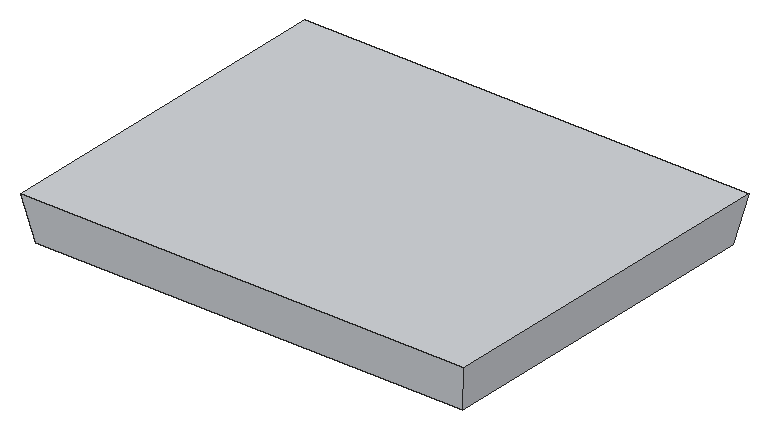
Revit family "110403-00001 Плита временного замощения ПВЗ-1 1000х800х100", category Обобщенные модели, Revit 2019
Family settings
  Может служить основой для арматурных стержней = Нет
  Размер круглого соединителя = Использовать диаметр
  Тип детали = Нормальный
  На основе рабочей плоскости = Нет
  Всегда вертикально = Да
  При загрузке вырезать с полостями = Нет
  Общий = Нет
  Точка расчета площади = Нет
Parameters (values of type "Плита временного замощения ПВЗ-1 1000х800х100")
  ADSK_Ширина [instance] = 1000 mm
  ADSK_Ссылка на сайт = "https://www.ssd.ru/plita-vremennogo-zamoshcheniya-pvz-1-1000kh800kh100"
  ADSK_Сертификат соответствия = "https://www.ssd.ru/upload/iblock/fde/sert_b15_0221.pdf"
  ADSK_Наименование = "Плита временного замощения ПВЗ-1 1000х800х100"
  ADSK_Масса = "210"
  ADSK_Марка = "ПВЗ-1"
  ADSK_Код изделия = "110403-00001"
  ADSK_Изготовитель = "АО СВЯЗЬСТРОЙДЕТАЛЬ"
  ADSK_Длина [instance] = 800 mm
  ADSK_Высота [instance] = 100 mm
Reference planes
  plane 1 "По центру (Вперед/Назад)": y = 0
  plane 2: z = 0
  plane 3 "По центру (Влево/Вправо)": x = 0
  plane 4: x = -500
  plane 5: x = 500
  plane 6: y = 400
  plane 7: y = -400
  plane 8: z = 100
Forms (mm)
  Extrusion 1, solid
    sketch origin (0, 0, 0) x (1, 0, 0) y (0, 1, 0)
      loop
        line (-500, 400) -> (-500, -400) -> (500, -400) -> (500, 400) -> (-500, 400)
    from 0 to 100
  Extrusion 2, void
    sketch origin (0, 0, 0) x (1, 0, 0) y (0, 0, 1)
      loop
        line (500, 0) -> (500, 100) -> (480, 0) -> (500, 0)
    from -400 to 400
  Extrusion 3, void
    sketch origin (0, 0, 0) x (-1, 0, 0) y (0, 0, -1)
      loop
        line (500, 0) -> (480, 0) -> (500, -100) -> (500, 0)
    from -400 to 400
  Extrusion 4, void
    sketch origin (0, 0, 0) x (0, 1, 0) y (0, 0, 1)
      loop
        line (400, 0) -> (400, 100) -> (380, 0) -> (400, 0)
    from -500 to 500
  Extrusion 5, void
    sketch origin (0, 0, 0) x (0, -1, 0) y (0, 0, -1)
      loop
        line (400, 0) -> (380, 0) -> (400, -100) -> (400, 0)
    from -500 to 500
Cuts and joins
  Extrusion 2, Extrusion 3, Extrusion 4, Extrusion 5 cuts Extrusion 1
Dimensions and locks
  "ADSK_Ширина": plane 4 to plane 5
  equal spacing: plane 4, plane 3 "По центру (Влево/Вправо)", plane 5
  "ADSK_Длина": plane 6 to plane 7
  equal spacing: plane 6, plane 1 "По центру (Вперед/Назад)", plane 7
  "ADSK_Высота": level to plane 8
  aligned and locked: level to plane 2
  aligned and locked: Extrusion 1 sketch curve to plane 6
  aligned and locked: plane 4 to Extrusion 1 sketch curve
  aligned and locked: plane 7 to Extrusion 1 sketch curve
  aligned and locked: Extrusion 1 sketch curve to plane 5
Automatic sketch dimensions
  Extrusion 2 sketch curve to level = 0 mm
  Extrusion 2 sketch curve to plane 5 = 0 mm
  Extrusion 2 sketch curve to plane 8 = 0 mm
  Extrusion 2 sketch curve to Extrusion 2 sketch curve = 20 mm
  Extrusion 3 sketch curve to level = 0 mm
  Extrusion 3 sketch curve to plane 4 = 0 mm
  Extrusion 3 sketch curve to plane 8 = 0 mm
  Extrusion 3 sketch curve to Extrusion 3 sketch curve = 20 mm
  Extrusion 4 sketch curve to level = 0 mm
  Extrusion 4 sketch curve to plane 6 = 0 mm
  Extrusion 4 sketch curve to plane 8 = 0 mm
  Extrusion 4 sketch curve to plane 6 = 20 mm
  Extrusion 5 sketch curve to level = 0 mm
  Extrusion 5 sketch curve to plane 7 = 0 mm
  Extrusion 5 sketch curve to plane 8 = 0 mm
  Extrusion 5 sketch curve to plane 7 = 20 mm
